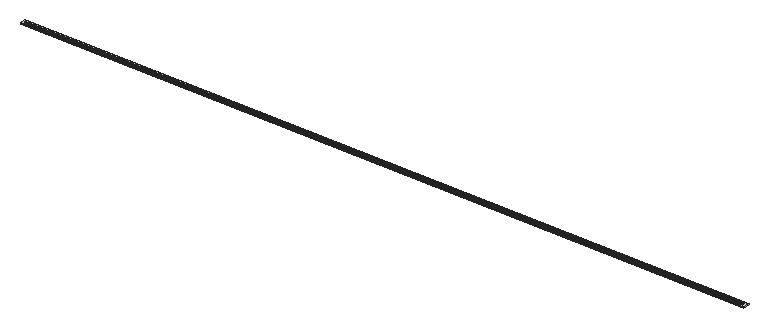
Revit family "Contour HD24", category Lighting Fixtures, Revit 2015
Parameters (values of type "Contour HD24/10W/927/1metre")
  Weight = 0
  built-in parameter 1150103 = 10 W
  Wattage = 10 W  # constant formula
  WarrantyStartDate [instance] = "www.johncullenlighting.co.uk/terms_and_conditions/"  # constant formula
  WarrantyGuarantorParts = "www.johncullenlighting.co.uk/terms_and_conditions/"  # constant formula
  WarrantyGuarantorLabor = "www.johncullenlighting.co.uk/terms_and_conditions/"  # constant formula
  WarrantyDurationUnit = "www.johncullenlighting.co.uk/terms_and_conditions/"  # constant formula
  WarrantyDurationParts = "www.johncullenlighting.co.uk/terms_and_conditions/"  # constant formula
  WarrantyDurationLabor = "www.johncullenlighting.co.uk/terms_and_conditions/"  # constant formula
  WarrantyDescription = "Refer to John Cullen Lighting Ltd - Terms and Conditions document"  # constant formula
  built-in parameter 1150110 = 1 (stored number, unit not read)
  Version = "1"
  Uniclass2 = "Pr_70_70_48_85 Surface luminaires"  # constant formula
  URL = "http://www.johncullenlighting.co.uk/products/featured-lighting-products/contour-hd24/?product_search=contour"
  Type Comments = "Copyright © John Cullen 2017. John Cullen reserve the right to change the design and specification of our product range without prior notice. E&OE"  # constant formula
  built-in parameter 1114217 = 1 (stored number, unit not read)
  Tilt Angle = 90.00°
  built-in parameter 1150109 = 1 (stored number, unit not read)
  built-in parameter 1150134 = (empty or 0)
  TagNumber [instance] = "n/a"
  SustainabilityPerformance = "n/a"
  built-in parameter 1150113 = 1 (stored number, unit not read)
  SupplyCircuitConductorConnections = ""
  Size = "8x2x1000"  # constant formula
  Shape = "Linear"
  SerialNumber [instance] = "n/a"
  Revision = "n/a"
  ReplacementCost = "n/a"
  ProductInformation = "http://www.johncullenlighting.co.uk/products/featured-lighting-products/contour-hd24/?product_search=contour"
  PhotometricPerformance = "n/a"
  Photometric Web File = "ContourHD24-24.IES"
  NominalWidth = 8 mm  # constant formula
  NominalLength = 1 mm  # constant formula
  NominalHeight = 2 mm  # constant formula
  Name = "Contour HD24"  # constant formula
  NBSTypeID = "n/a"
  NBSReference = "n/a"
  NBSOfficeMasterTag = "n/a"
  NBSNote = "n/a"
  NBSDescription = "General purpose luminaires are described by characteristics such as standards, photometric performance and supply circuit conductor connections.\r\nAn example use may be within a hard wired general lighting system."  # constant formula
  NBSCertification = "n/a"
  ModelReference = "n/a"
  ModelNumber = "LICO24HD1"
  Model = "Contour HD24"  # constant formula
  MaxAmbientTemperature = 45.00°
  Material = "n/a"
  ManufacturerURL = "www.johncullenlighting.co.uk"
  ManufacturerName = "John Cullen Lighting Ltd"  # constant formula
  Manufacturer = "John Cullen Lighting Ltd"  # constant formula
  built-in parameter 1150105 = 35.412 (stored number, unit not read)
  Lumens = 445 lm
  LuminaireType = "n/a"
  LuminairePowerFactor = "n/a"
  LuminaireLumens = "445 lm"  # constant formula
  built-in parameter 1150115 = 1 (stored number, unit not read)
  built-in parameter 1150137 = (empty or 0)
  built-in parameter 1150139 = (empty or 0)
  built-in parameter 1001306 [instance] = 1000 mm
  LampType = "LED"  # constant formula
  LampRating = "n/a"
  LampLumens = "445 lm"  # constant formula
  LampColourTemperature = "2700K"  # constant formula
  LampColourRendering = "≥90 Ra"  # constant formula
  built-in parameter 1150112 = 1 (stored number, unit not read)
  built-in parameter 1150114 = 1 (stored number, unit not read)
  Keynote = "Technical data figures are for guidance only and are subject to ±5% tolerance"  # constant formula
  InternalFuse = "n/a"
  InsulationStandardClass = "Class III"
  InstallationDate [instance] = "Confirm via installer"  # constant formula
  built-in parameter 1150132 = (empty or 0)
  built-in parameter 1150102 = (empty or 0)
  built-in parameter 1150107 = 2400 (stored number, unit not read)
  built-in parameter 1150138 = (empty or 0)
  IngressProtection = "IP20"  # constant formula
  built-in parameter 1150106 = 0.35412 (stored number, unit not read)
  IfcExportType = ""
  IfcExportAs = ""
  Grade = "n/a"
  ForwardVoltage = "24V DC"  # constant formula
  Finish = "1 metre"
  Features = "n/a"
  ExpectedLife = "Lifetime L70/B10 >50,000 hrs"  # constant formula
  Emit from Line Length = 609.6 mm
  built-in parameter 1150104 = 4.1342 (stored number, unit not read)
  Efficacy = "44.5 lm/W"  # constant formula
  DurationUnit = "year"
  Dimming Lamp Color Temperature Shift = <None>
  Description = "Extra warm white strip"  # constant formula
  CurrentRating = "n/a"
  ControlGearPosition = "n/a"
  Constituents = "n/a"
  Color Filter = 16777215
  Color = "n/a"
  CodePerformance = "LICO24HD1"
  Category = "n/a"
  CableType = "n/a"
  CableSize = "n/a"
  CableLength = 0 mm
  Beam Width = "Extra Wide"  # constant formula
  BarCode [instance] = "n/a"
  BallastCELMAEnergyEfficiencyIndex = "See driver specification"  # constant formula
  built-in parameter 1114218 = 1 (stored number, unit not read)
  BIMObjectName = "Contour HD24"  # constant formula
  Author = "John Cullen Lighting Ltd"  # constant formula
  built-in parameter 1150133 = 10 (stored number, unit not read)
  AssetType = "n/a"
  AssetIdentifier [instance] = "n/a"
  Assembly Code = "n/a"
  AccessibilityPerformance = "n/a"
Reference planes
  plane 1 "Center (Front/Back)": y = 0
  plane 2: z = 0
  plane 3 "Left": x = 0
  plane 4 "Right": x = 1000
Forms (mm)
  Extrusion 1, solid
    sketch origin (0, 0, 0) x (1, 0, 0) y (0, 1, 0)
      loop
        line (0, -4) -> (1000, -4) -> (1000, 4) -> (0, 4) -> (0, -4)
    from 0 to 1
  Extrusion 2, solid
    sketch origin (0, 0, 0) x (1, 0, 0) y (0, 1, 0)
      loop
        line (3.7, 1.25) -> (3.7, -1.25) -> (996.2, -1.25) -> (996.2, 1.25) -> (3.7, 1.25)
    from 1 to 2
Lines and regions (mm)
  reference lines
    curve 1: line (0, 0, 0) -> (1000, 0, 0)
Dimensions and locks
  "built-in parameter 1001306": plane 3 "Left" to plane 4 "Right"
  aligned and locked: plane 4 "Right" to curve 1
  aligned and locked: plane 1 "Center (Front/Back)" to curve 1
  aligned and locked: plane 3 "Left" to curve 1
  aligned and locked: level to plane 2
Automatic sketch dimensions
  Extrusion 1 sketch curve to plane 3 "Left" = 0 mm
  Extrusion 1 sketch curve to plane 4 "Right" = 0 mm
  plane 1 "Center (Front/Back)" to Extrusion 1 sketch curve = 4 mm
  Extrusion 1 sketch curve to Extrusion 1 sketch curve = 8 mm
  plane 3 "Left" to Extrusion 2 sketch curve = 3.7 mm
  plane 1 "Center (Front/Back)" to Extrusion 2 sketch curve = 1.25 mm
  Extrusion 2 sketch curve to plane 4 "Right" = 3.8 mm
  Extrusion 2 sketch curve to plane 1 "Center (Front/Back)" = 1.25 mm
